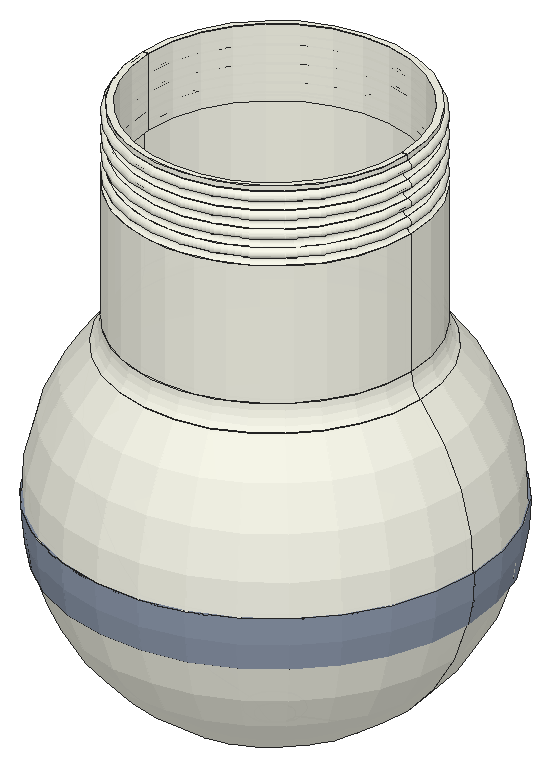
Revit family "BAF.PSBL", category Generic Models, Revit 2024
Family settings
  Can host rebar = No
  Round Connector Dimension = Use Diameter
  Part Type = Normal
  Work Plane-Based = No
  Always vertical = Yes
  Cut with Voids When Loaded = No
  Maintain Annotation Orientation = No
  Shared = No
  Room Calculation Point = No
Parameters
  Default Elevation = 0' - 0"
Reference planes (in)
  plane 1 "Center (Front/Back)": y = 0
  plane 2: z = 0
  plane 3 "Center (Left/Right)": x = 0
Forms (in)
  Revolve 1, solid, material "OPAL"
    sketch origin (0, 0, 0) x (1, 0, 0) y (0, 0, 1)
      loop
        arc (2.031, 28.80429) -> (2.09861, 28.73926) -> (2.03359, 28.67165) r 0.06634
        arc (2.03359, 28.67165) -> (2.05186, 28.62023) -> (2.09863, 28.59212) r 0.08088
        line (2.09863, 28.59212) -> (2.09863, 26.69799)
        arc (2.09863, 26.69799) -> (2.13333, 26.51496) -> (2.23262, 26.35734) r 0.5
        arc (2.23262, 26.35734) -> (2.87032, 23.24802) -> (0.39948, 21.25567) r 3.05
        arc (0.39948, 21.25567) -> (0.35871, 21.24078) -> (0.32809, 21.21001) r 0.1
        arc (0.32809, 21.21001) -> (0.18726, 21.07753) -> (0, 21.02939) r 0.3883
        line (0, 21.02939) -> (0, 21.12314)
        arc (0, 21.12314) -> (0.14205, 21.15966) -> (0.24887, 21.26015) r 0.29455
        arc (0.24887, 21.26015) -> (0.3082, 21.31976) -> (0.3872, 21.34861) r 0.19375
        arc (0.3872, 21.34861) -> (2.78209, 23.27972) -> (2.164, 26.29347) r 2.95625
        arc (2.164, 26.29347) -> (2.04609, 26.48064) -> (2.00488, 26.69799) r 0.59375
        line (2.00488, 26.69799) -> (2.00488, 28.59212) -> (1.94058, 28.59212) -> (1.94058, 29.65599) -> (2.03434, 29.65599) -> (2.03302, 29.57847)
        arc (2.03302, 29.57847) -> (2.10064, 29.51344) -> (2.03561, 29.44583) r 0.06634
        arc (2.03561, 29.44583) -> (1.9729, 29.38422) -> (2.03337, 29.32041) r 0.06273
        arc (2.03337, 29.32041) -> (2.09964, 29.25469) -> (2.0346, 29.18776) r 0.06634
        arc (2.0346, 29.18776) -> (1.97188, 29.12615) -> (2.03236, 29.06235) r 0.06273
        arc (2.03236, 29.06235) -> (2.09862, 28.99663) -> (2.03359, 28.92969) r 0.06634
        arc (2.03359, 28.92969) -> (1.97207, 28.86572) -> (2.03604, 28.8042) r 0.06276
      axis (0, 29.65599) -> (0, 21.02939)
    angle from 0 to 360
  Revolve 2, solid, material "BL"
    sketch origin (0, 0, 0) x (1, 0, 0) y (0, 0, 1)
      loop
        line (2.87842, 23.52862) -> (2.97504, 23.52862)
        arc (2.97504, 23.52862) -> (3.04304, 23.90088) -> (3.06582, 24.27862) r 3.14375
        line (3.06582, 24.27862) -> (2.97207, 24.27862)
        arc (2.97207, 24.27862) -> (2.94856, 23.90071) -> (2.87842, 23.52862) r 3.05
      axis (0, 24.27862) -> (0, 23.52862)
    angle from 0 to 360
Dimensions and locks (in)
  aligned and locked: plane 2 to level
